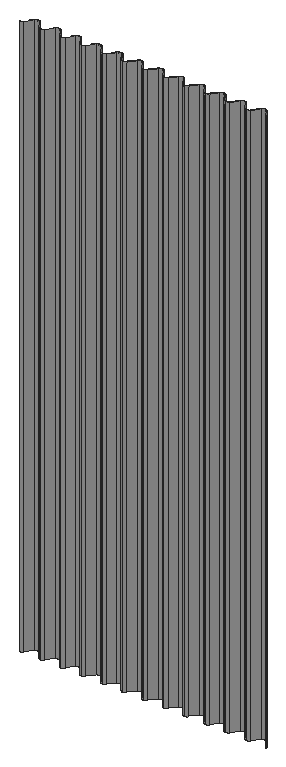
Revit family "Перфорированная панель", category Обобщенные модели, Revit 2021 (continued)
Forms (mm)
  Extrusion 312, void, not visible
    sketch origin (-990, 84.806, 1725) x (1, 0, 0) y (0, 0, 1)
      loop
        circle (1122.758, 20.908) r 15
    from 0 to 150
  Extrusion 313, void, not visible
    sketch origin (-1080, 84.806, 1725) x (1, 0, 0) y (0, 0, 1)
      loop
        circle (1122.758, 20.908) r 15
    from 0 to 150
  Extrusion 314, void, not visible
    sketch origin (0, 84.806, 1800) x (1, 0, 0) y (0, 0, 1)
      loop
        circle (1122.758, 20.908) r 15
    from 0 to 150
  Extrusion 315, void, not visible
    sketch origin (-90, 84.806, 1800) x (1, 0, 0) y (0, 0, 1)
      loop
        circle (1122.758, 20.908) r 15
    from 0 to 150
  Extrusion 316, void, not visible
    sketch origin (-180, 84.806, 1800) x (1, 0, 0) y (0, 0, 1)
      loop
        circle (1122.758, 20.908) r 15
    from 0 to 150
  Extrusion 317, void, not visible
    sketch origin (-270, 84.806, 1800) x (1, 0, 0) y (0, 0, 1)
      loop
        circle (1122.758, 20.908) r 15
    from 0 to 150
  Extrusion 318, void, not visible
    sketch origin (-360, 84.806, 1800) x (1, 0, 0) y (0, 0, 1)
      loop
        circle (1122.758, 20.908) r 15
    from 0 to 150
  Extrusion 319, void, not visible
    sketch origin (-450, 84.806, 1800) x (1, 0, 0) y (0, 0, 1)
      loop
        circle (1122.758, 20.908) r 15
    from 0 to 150
  Extrusion 320, void, not visible
    sketch origin (-540, 84.806, 1800) x (1, 0, 0) y (0, 0, 1)
      loop
        circle (1122.758, 20.908) r 15
    from 0 to 150
  Extrusion 321, void, not visible
    sketch origin (-630, 84.806, 1800) x (1, 0, 0) y (0, 0, 1)
      loop
        circle (1122.758, 20.908) r 15
    from 0 to 150
  Extrusion 322, void, not visible
    sketch origin (-720, 84.806, 1800) x (1, 0, 0) y (0, 0, 1)
      loop
        circle (1122.758, 20.908) r 15
    from 0 to 150
  Extrusion 323, void, not visible
    sketch origin (-810, 84.806, 1800) x (1, 0, 0) y (0, 0, 1)
      loop
        circle (1122.758, 20.908) r 15
    from 0 to 150
  Extrusion 324, void, not visible
    sketch origin (-900, 84.806, 1800) x (1, 0, 0) y (0, 0, 1)
      loop
        circle (1122.758, 20.908) r 15
    from 0 to 150
  Extrusion 325, void, not visible
    sketch origin (-990, 84.806, 1800) x (1, 0, 0) y (0, 0, 1)
      loop
        circle (1122.758, 20.908) r 15
    from 0 to 150
  Extrusion 326, void, not visible
    sketch origin (-1080, 84.806, 1800) x (1, 0, 0) y (0, 0, 1)
      loop
        circle (1122.758, 20.908) r 15
    from 0 to 150
  Extrusion 327, void, not visible
    sketch origin (0, 84.806, 1875) x (1, 0, 0) y (0, 0, 1)
      loop
        circle (1122.758, 20.908) r 15
    from 0 to 150
  Extrusion 328, void, not visible
    sketch origin (-90, 84.806, 1875) x (1, 0, 0) y (0, 0, 1)
      loop
        circle (1122.758, 20.908) r 15
    from 0 to 150
  Extrusion 329, void, not visible
    sketch origin (-180, 84.806, 1875) x (1, 0, 0) y (0, 0, 1)
      loop
        circle (1122.758, 20.908) r 15
    from 0 to 150
  Extrusion 330, void, not visible
    sketch origin (-270, 84.806, 1875) x (1, 0, 0) y (0, 0, 1)
      loop
        circle (1122.758, 20.908) r 15
    from 0 to 150
  Extrusion 331, void, not visible
    sketch origin (-360, 84.806, 1875) x (1, 0, 0) y (0, 0, 1)
      loop
        circle (1122.758, 20.908) r 15
    from 0 to 150
  Extrusion 332, void, not visible
    sketch origin (-450, 84.806, 1875) x (1, 0, 0) y (0, 0, 1)
      loop
        circle (1122.758, 20.908) r 15
    from 0 to 150
  Extrusion 333, void, not visible
    sketch origin (-540, 84.806, 1875) x (1, 0, 0) y (0, 0, 1)
      loop
        circle (1122.758, 20.908) r 15
    from 0 to 150
  Extrusion 334, void, not visible
    sketch origin (-630, 84.806, 1875) x (1, 0, 0) y (0, 0, 1)
      loop
        circle (1122.758, 20.908) r 15
    from 0 to 150
  Extrusion 335, void, not visible
    sketch origin (-720, 84.806, 1875) x (1, 0, 0) y (0, 0, 1)
      loop
        circle (1122.758, 20.908) r 15
    from 0 to 150
  Extrusion 336, void, not visible
    sketch origin (-810, 84.806, 1875) x (1, 0, 0) y (0, 0, 1)
      loop
        circle (1122.758, 20.908) r 15
    from 0 to 150
  Extrusion 337, void, not visible
    sketch origin (-900, 84.806, 1875) x (1, 0, 0) y (0, 0, 1)
      loop
        circle (1122.758, 20.908) r 15
    from 0 to 150
  Extrusion 338, void, not visible
    sketch origin (-990, 84.806, 1875) x (1, 0, 0) y (0, 0, 1)
      loop
        circle (1122.758, 20.908) r 15
    from 0 to 150
  Extrusion 339, void, not visible
    sketch origin (-1080, 84.806, 1875) x (1, 0, 0) y (0, 0, 1)
      loop
        circle (1122.758, 20.908) r 15
    from 0 to 150
  Extrusion 340, void, not visible
    sketch origin (0, 84.806, 1950) x (1, 0, 0) y (0, 0, 1)
      loop
        circle (1122.758, 20.908) r 15
    from 0 to 150
  Extrusion 341, void, not visible
    sketch origin (-90, 84.806, 1950) x (1, 0, 0) y (0, 0, 1)
      loop
        circle (1122.758, 20.908) r 15
    from 0 to 150
  Extrusion 342, void, not visible
    sketch origin (-180, 84.806, 1950) x (1, 0, 0) y (0, 0, 1)
      loop
        circle (1122.758, 20.908) r 15
    from 0 to 150
  Extrusion 343, void, not visible
    sketch origin (-270, 84.806, 1950) x (1, 0, 0) y (0, 0, 1)
      loop
        circle (1122.758, 20.908) r 15
    from 0 to 150
  Extrusion 344, void, not visible
    sketch origin (-360, 84.806, 1950) x (1, 0, 0) y (0, 0, 1)
      loop
        circle (1122.758, 20.908) r 15
    from 0 to 150
  Extrusion 345, void, not visible
    sketch origin (-450, 84.806, 1950) x (1, 0, 0) y (0, 0, 1)
      loop
        circle (1122.758, 20.908) r 15
    from 0 to 150
  Extrusion 346, void, not visible
    sketch origin (-540, 84.806, 1950) x (1, 0, 0) y (0, 0, 1)
      loop
        circle (1122.758, 20.908) r 15
    from 0 to 150
  Extrusion 347, void, not visible
    sketch origin (-630, 84.806, 1950) x (1, 0, 0) y (0, 0, 1)
      loop
        circle (1122.758, 20.908) r 15
    from 0 to 150
  Extrusion 348, void, not visible
    sketch origin (-720, 84.806, 1950) x (1, 0, 0) y (0, 0, 1)
      loop
        circle (1122.758, 20.908) r 15
    from 0 to 150
  Extrusion 349, void, not visible
    sketch origin (-810, 84.806, 1950) x (1, 0, 0) y (0, 0, 1)
      loop
        circle (1122.758, 20.908) r 15
    from 0 to 150
  Extrusion 350, void, not visible
    sketch origin (-900, 84.806, 1950) x (1, 0, 0) y (0, 0, 1)
      loop
        circle (1122.758, 20.908) r 15
    from 0 to 150
  Extrusion 351, void, not visible
    sketch origin (-990, 84.806, 1950) x (1, 0, 0) y (0, 0, 1)
      loop
        circle (1122.758, 20.908) r 15
    from 0 to 150
  Extrusion 352, void, not visible
    sketch origin (-1080, 84.806, 1950) x (1, 0, 0) y (0, 0, 1)
      loop
        circle (1122.758, 20.908) r 15
    from 0 to 150
  Extrusion 353, void, not visible
    sketch origin (0, 84.806, 2025) x (1, 0, 0) y (0, 0, 1)
      loop
        circle (1122.758, 20.908) r 15
    from 0 to 150
  Extrusion 354, void, not visible
    sketch origin (-90, 84.806, 2025) x (1, 0, 0) y (0, 0, 1)
      loop
        circle (1122.758, 20.908) r 15
    from 0 to 150
  Extrusion 355, void, not visible
    sketch origin (-180, 84.806, 2025) x (1, 0, 0) y (0, 0, 1)
      loop
        circle (1122.758, 20.908) r 15
    from 0 to 150
  Extrusion 356, void, not visible
    sketch origin (-270, 84.806, 2025) x (1, 0, 0) y (0, 0, 1)
      loop
        circle (1122.758, 20.908) r 15
    from 0 to 150
  Extrusion 357, void, not visible
    sketch origin (-360, 84.806, 2025) x (1, 0, 0) y (0, 0, 1)
      loop
        circle (1122.758, 20.908) r 15
    from 0 to 150
  Extrusion 358, void, not visible
    sketch origin (-450, 84.806, 2025) x (1, 0, 0) y (0, 0, 1)
      loop
        circle (1122.758, 20.908) r 15
    from 0 to 150
  Extrusion 359, void, not visible
    sketch origin (-540, 84.806, 2025) x (1, 0, 0) y (0, 0, 1)
      loop
        circle (1122.758, 20.908) r 15
    from 0 to 150
  Extrusion 360, void, not visible
    sketch origin (-630, 84.806, 2025) x (1, 0, 0) y (0, 0, 1)
      loop
        circle (1122.758, 20.908) r 15
    from 0 to 150
  Extrusion 361, void, not visible
    sketch origin (-720, 84.806, 2025) x (1, 0, 0) y (0, 0, 1)
      loop
        circle (1122.758, 20.908) r 15
    from 0 to 150
  Extrusion 362, void, not visible
    sketch origin (-810, 84.806, 2025) x (1, 0, 0) y (0, 0, 1)
      loop
        circle (1122.758, 20.908) r 15
    from 0 to 150
  Extrusion 363, void, not visible
    sketch origin (-900, 84.806, 2025) x (1, 0, 0) y (0, 0, 1)
      loop
        circle (1122.758, 20.908) r 15
    from 0 to 150
  Extrusion 364, void, not visible
    sketch origin (-990, 84.806, 2025) x (1, 0, 0) y (0, 0, 1)
      loop
        circle (1122.758, 20.908) r 15
    from 0 to 150
  Extrusion 365, void, not visible
    sketch origin (-1080, 84.806, 2025) x (1, 0, 0) y (0, 0, 1)
      loop
        circle (1122.758, 20.908) r 15
    from 0 to 150
  Extrusion 366, void, not visible
    sketch origin (0, 84.806, 2100) x (1, 0, 0) y (0, 0, 1)
      loop
        circle (1122.758, 20.908) r 15
    from 0 to 150
  Extrusion 367, void, not visible
    sketch origin (-90, 84.806, 2100) x (1, 0, 0) y (0, 0, 1)
      loop
        circle (1122.758, 20.908) r 15
    from 0 to 150
  Extrusion 368, void, not visible
    sketch origin (-180, 84.806, 2100) x (1, 0, 0) y (0, 0, 1)
      loop
        circle (1122.758, 20.908) r 15
    from 0 to 150
  Extrusion 369, void, not visible
    sketch origin (-270, 84.806, 2100) x (1, 0, 0) y (0, 0, 1)
      loop
        circle (1122.758, 20.908) r 15
    from 0 to 150
  Extrusion 370, void, not visible
    sketch origin (-360, 84.806, 2100) x (1, 0, 0) y (0, 0, 1)
      loop
        circle (1122.758, 20.908) r 15
    from 0 to 150
  Extrusion 371, void, not visible
    sketch origin (-450, 84.806, 2100) x (1, 0, 0) y (0, 0, 1)
      loop
        circle (1122.758, 20.908) r 15
    from 0 to 150
  Extrusion 372, void, not visible
    sketch origin (-540, 84.806, 2100) x (1, 0, 0) y (0, 0, 1)
      loop
        circle (1122.758, 20.908) r 15
    from 0 to 150
  Extrusion 373, void, not visible
    sketch origin (-630, 84.806, 2100) x (1, 0, 0) y (0, 0, 1)
      loop
        circle (1122.758, 20.908) r 15
    from 0 to 150
  Extrusion 374, void, not visible
    sketch origin (-720, 84.806, 2100) x (1, 0, 0) y (0, 0, 1)
      loop
        circle (1122.758, 20.908) r 15
    from 0 to 150
  Extrusion 375, void, not visible
    sketch origin (-810, 84.806, 2100) x (1, 0, 0) y (0, 0, 1)
      loop
        circle (1122.758, 20.908) r 15
    from 0 to 150
  Extrusion 376, void, not visible
    sketch origin (-900, 84.806, 2100) x (1, 0, 0) y (0, 0, 1)
      loop
        circle (1122.758, 20.908) r 15
    from 0 to 150
  Extrusion 377, void, not visible
    sketch origin (-990, 84.806, 2100) x (1, 0, 0) y (0, 0, 1)
      loop
        circle (1122.758, 20.908) r 15
    from 0 to 150
  Extrusion 378, void, not visible
    sketch origin (-1080, 84.806, 2100) x (1, 0, 0) y (0, 0, 1)
      loop
        circle (1122.758, 20.908) r 15
    from 0 to 150
  Extrusion 379, void, not visible
    sketch origin (0, 84.806, 2175) x (1, 0, 0) y (0, 0, 1)
      loop
        circle (1122.758, 20.908) r 15
    from 0 to 150
  Extrusion 380, void, not visible
    sketch origin (-90, 84.806, 2175) x (1, 0, 0) y (0, 0, 1)
      loop
        circle (1122.758, 20.908) r 15
    from 0 to 150
  Extrusion 381, void, not visible
    sketch origin (-180, 84.806, 2175) x (1, 0, 0) y (0, 0, 1)
      loop
        circle (1122.758, 20.908) r 15
    from 0 to 150
  Extrusion 382, void, not visible
    sketch origin (-270, 84.806, 2175) x (1, 0, 0) y (0, 0, 1)
      loop
        circle (1122.758, 20.908) r 15
    from 0 to 150
  Extrusion 383, void, not visible
    sketch origin (-360, 84.806, 2175) x (1, 0, 0) y (0, 0, 1)
      loop
        circle (1122.758, 20.908) r 15
    from 0 to 150
  Extrusion 384, void, not visible
    sketch origin (-450, 84.806, 2175) x (1, 0, 0) y (0, 0, 1)
      loop
        circle (1122.758, 20.908) r 15
    from 0 to 150
  Extrusion 385, void, not visible
    sketch origin (-540, 84.806, 2175) x (1, 0, 0) y (0, 0, 1)
      loop
        circle (1122.758, 20.908) r 15
    from 0 to 150
  Extrusion 386, void, not visible
    sketch origin (-630, 84.806, 2175) x (1, 0, 0) y (0, 0, 1)
      loop
        circle (1122.758, 20.908) r 15
    from 0 to 150
  Extrusion 387, void, not visible
    sketch origin (-720, 84.806, 2175) x (1, 0, 0) y (0, 0, 1)
      loop
        circle (1122.758, 20.908) r 15
    from 0 to 150
  Extrusion 388, void, not visible
    sketch origin (-810, 84.806, 2175) x (1, 0, 0) y (0, 0, 1)
      loop
        circle (1122.758, 20.908) r 15
    from 0 to 150
  Extrusion 389, void, not visible
    sketch origin (-900, 84.806, 2175) x (1, 0, 0) y (0, 0, 1)
      loop
        circle (1122.758, 20.908) r 15
    from 0 to 150
  Extrusion 390, void, not visible
    sketch origin (-990, 84.806, 2175) x (1, 0, 0) y (0, 0, 1)
      loop
        circle (1122.758, 20.908) r 15
    from 0 to 150
  Extrusion 391, void, not visible
    sketch origin (-1080, 84.806, 2175) x (1, 0, 0) y (0, 0, 1)
      loop
        circle (1122.758, 20.908) r 15
    from 0 to 150
  Extrusion 392, void, not visible
    sketch origin (0, 84.806, 2250) x (1, 0, 0) y (0, 0, 1)
      loop
        circle (1122.758, 20.908) r 15
    from 0 to 150
  Extrusion 393, void, not visible
    sketch origin (-90, 84.806, 2250) x (1, 0, 0) y (0, 0, 1)
      loop
        circle (1122.758, 20.908) r 15
    from 0 to 150
  Extrusion 394, void, not visible
    sketch origin (-180, 84.806, 2250) x (1, 0, 0) y (0, 0, 1)
      loop
        circle (1122.758, 20.908) r 15
    from 0 to 150
  Extrusion 395, void, not visible
    sketch origin (-270, 84.806, 2250) x (1, 0, 0) y (0, 0, 1)
      loop
        circle (1122.758, 20.908) r 15
    from 0 to 150
  Extrusion 396, void, not visible
    sketch origin (-360, 84.806, 2250) x (1, 0, 0) y (0, 0, 1)
      loop
        circle (1122.758, 20.908) r 15
    from 0 to 150
  Extrusion 397, void, not visible
    sketch origin (-450, 84.806, 2250) x (1, 0, 0) y (0, 0, 1)
      loop
        circle (1122.758, 20.908) r 15
    from 0 to 150
  Extrusion 398, void, not visible
    sketch origin (-540, 84.806, 2250) x (1, 0, 0) y (0, 0, 1)
      loop
        circle (1122.758, 20.908) r 15
    from 0 to 150
  Extrusion 399, void, not visible
    sketch origin (-630, 84.806, 2250) x (1, 0, 0) y (0, 0, 1)
      loop
        circle (1122.758, 20.908) r 15
    from 0 to 150
  Extrusion 400, void, not visible
    sketch origin (-720, 84.806, 2250) x (1, 0, 0) y (0, 0, 1)
      loop
        circle (1122.758, 20.908) r 15
    from 0 to 150
  Extrusion 401, void, not visible
    sketch origin (-810, 84.806, 2250) x (1, 0, 0) y (0, 0, 1)
      loop
        circle (1122.758, 20.908) r 15
    from 0 to 150
  Extrusion 402, void, not visible
    sketch origin (-900, 84.806, 2250) x (1, 0, 0) y (0, 0, 1)
      loop
        circle (1122.758, 20.908) r 15
    from 0 to 150
  Extrusion 403, void, not visible
    sketch origin (-990, 84.806, 2250) x (1, 0, 0) y (0, 0, 1)
      loop
        circle (1122.758, 20.908) r 15
    from 0 to 150
  Extrusion 404, void, not visible
    sketch origin (-1080, 84.806, 2250) x (1, 0, 0) y (0, 0, 1)
      loop
        circle (1122.758, 20.908) r 15
    from 0 to 150
  Extrusion 405, void, not visible
    sketch origin (0, 84.806, 2325) x (1, 0, 0) y (0, 0, 1)
      loop
        circle (1122.758, 20.908) r 15
    from 0 to 150
  Extrusion 406, void, not visible
    sketch origin (-90, 84.806, 2325) x (1, 0, 0) y (0, 0, 1)
      loop
        circle (1122.758, 20.908) r 15
    from 0 to 150
  Extrusion 407, void, not visible
    sketch origin (-180, 84.806, 2325) x (1, 0, 0) y (0, 0, 1)
      loop
        circle (1122.758, 20.908) r 15
    from 0 to 150
  Extrusion 408, void, not visible
    sketch origin (-270, 84.806, 2325) x (1, 0, 0) y (0, 0, 1)
      loop
        circle (1122.758, 20.908) r 15
    from 0 to 150
  Extrusion 409, void, not visible
    sketch origin (-360, 84.806, 2325) x (1, 0, 0) y (0, 0, 1)
      loop
        circle (1122.758, 20.908) r 15
    from 0 to 150
  Extrusion 410, void, not visible
    sketch origin (-450, 84.806, 2325) x (1, 0, 0) y (0, 0, 1)
      loop
        circle (1122.758, 20.908) r 15
    from 0 to 150
  Extrusion 411, void, not visible
    sketch origin (-540, 84.806, 2325) x (1, 0, 0) y (0, 0, 1)
      loop
        circle (1122.758, 20.908) r 15
    from 0 to 150
  Extrusion 412, void, not visible
    sketch origin (-630, 84.806, 2325) x (1, 0, 0) y (0, 0, 1)
      loop
        circle (1122.758, 20.908) r 15
    from 0 to 150
  Extrusion 413, void, not visible
    sketch origin (-720, 84.806, 2325) x (1, 0, 0) y (0, 0, 1)
      loop
        circle (1122.758, 20.908) r 15
    from 0 to 150
  Extrusion 414, void, not visible
    sketch origin (-810, 84.806, 2325) x (1, 0, 0) y (0, 0, 1)
      loop
        circle (1122.758, 20.908) r 15
    from 0 to 150
  Extrusion 415, void, not visible
    sketch origin (-900, 84.806, 2325) x (1, 0, 0) y (0, 0, 1)
      loop
        circle (1122.758, 20.908) r 15
    from 0 to 150
  Extrusion 416, void, not visible
    sketch origin (-990, 84.806, 2325) x (1, 0, 0) y (0, 0, 1)
      loop
        circle (1122.758, 20.908) r 15
    from 0 to 150
  Extrusion 417, void, not visible
    sketch origin (-1080, 84.806, 2325) x (1, 0, 0) y (0, 0, 1)
      loop
        circle (1122.758, 20.908) r 15
    from 0 to 150
  Extrusion 418, void, not visible
    sketch origin (0, 84.806, 2400) x (1, 0, 0) y (0, 0, 1)
      loop
        circle (1122.758, 20.908) r 15
    from 0 to 150
  Extrusion 419, void, not visible
    sketch origin (-90, 84.806, 2400) x (1, 0, 0) y (0, 0, 1)
      loop
        circle (1122.758, 20.908) r 15
    from 0 to 150
  Extrusion 420, void, not visible
    sketch origin (-180, 84.806, 2400) x (1, 0, 0) y (0, 0, 1)
      loop
        circle (1122.758, 20.908) r 15
    from 0 to 150
  Extrusion 421, void, not visible
    sketch origin (-270, 84.806, 2400) x (1, 0, 0) y (0, 0, 1)
      loop
        circle (1122.758, 20.908) r 15
    from 0 to 150
  Extrusion 422, void, not visible
    sketch origin (-360, 84.806, 2400) x (1, 0, 0) y (0, 0, 1)
      loop
        circle (1122.758, 20.908) r 15
    from 0 to 150
  Extrusion 423, void, not visible
    sketch origin (-450, 84.806, 2400) x (1, 0, 0) y (0, 0, 1)
      loop
        circle (1122.758, 20.908) r 15
    from 0 to 150
  Extrusion 424, void, not visible
    sketch origin (-540, 84.806, 2400) x (1, 0, 0) y (0, 0, 1)
      loop
        circle (1122.758, 20.908) r 15
    from 0 to 150
  Extrusion 425, void, not visible
    sketch origin (-630, 84.806, 2400) x (1, 0, 0) y (0, 0, 1)
      loop
        circle (1122.758, 20.908) r 15
    from 0 to 150
  Extrusion 426, void, not visible
    sketch origin (-720, 84.806, 2400) x (1, 0, 0) y (0, 0, 1)
      loop
        circle (1122.758, 20.908) r 15
    from 0 to 150
  Extrusion 427, void, not visible
    sketch origin (-810, 84.806, 2400) x (1, 0, 0) y (0, 0, 1)
      loop
        circle (1122.758, 20.908) r 15
    from 0 to 150
  Extrusion 428, void, not visible
    sketch origin (-900, 84.806, 2400) x (1, 0, 0) y (0, 0, 1)
      loop
        circle (1122.758, 20.908) r 15
    from 0 to 150
  Extrusion 429, void, not visible
    sketch origin (-990, 84.806, 2400) x (1, 0, 0) y (0, 0, 1)
      loop
        circle (1122.758, 20.908) r 15
    from 0 to 150
  Extrusion 430, void, not visible
    sketch origin (-1080, 84.806, 2400) x (1, 0, 0) y (0, 0, 1)
      loop
        circle (1122.758, 20.908) r 15
    from 0 to 150
  Extrusion 431, void, not visible
    sketch origin (0, 84.806, 2475) x (1, 0, 0) y (0, 0, 1)
      loop
        circle (1122.758, 20.908) r 15
    from 0 to 150
  Extrusion 432, void, not visible
    sketch origin (-90, 84.806, 2475) x (1, 0, 0) y (0, 0, 1)
      loop
        circle (1122.758, 20.908) r 15
    from 0 to 150
  Extrusion 433, void, not visible
    sketch origin (-180, 84.806, 2475) x (1, 0, 0) y (0, 0, 1)
      loop
        circle (1122.758, 20.908) r 15
    from 0 to 150
  Extrusion 434, void, not visible
    sketch origin (-270, 84.806, 2475) x (1, 0, 0) y (0, 0, 1)
      loop
        circle (1122.758, 20.908) r 15
    from 0 to 150
  Extrusion 435, void, not visible
    sketch origin (-360, 84.806, 2475) x (1, 0, 0) y (0, 0, 1)
      loop
        circle (1122.758, 20.908) r 15
    from 0 to 150
  Extrusion 436, void, not visible
    sketch origin (-450, 84.806, 2475) x (1, 0, 0) y (0, 0, 1)
      loop
        circle (1122.758, 20.908) r 15
    from 0 to 150
  Extrusion 437, void, not visible
    sketch origin (-540, 84.806, 2475) x (1, 0, 0) y (0, 0, 1)
      loop
        circle (1122.758, 20.908) r 15
    from 0 to 150
  Extrusion 438, void, not visible
    sketch origin (-630, 84.806, 2475) x (1, 0, 0) y (0, 0, 1)
      loop
        circle (1122.758, 20.908) r 15
    from 0 to 150
  Extrusion 439, void, not visible
    sketch origin (-720, 84.806, 2475) x (1, 0, 0) y (0, 0, 1)
      loop
        circle (1122.758, 20.908) r 15
    from 0 to 150
  Extrusion 440, void, not visible
    sketch origin (-810, 84.806, 2475) x (1, 0, 0) y (0, 0, 1)
      loop
        circle (1122.758, 20.908) r 15
    from 0 to 150
  Extrusion 441, void, not visible
    sketch origin (-900, 84.806, 2475) x (1, 0, 0) y (0, 0, 1)
      loop
        circle (1122.758, 20.908) r 15
    from 0 to 150
  Extrusion 442, void, not visible
    sketch origin (-990, 84.806, 2475) x (1, 0, 0) y (0, 0, 1)
      loop
        circle (1122.758, 20.908) r 15
    from 0 to 150
  Extrusion 443, void, not visible
    sketch origin (-1080, 84.806, 2475) x (1, 0, 0) y (0, 0, 1)
      loop
        circle (1122.758, 20.908) r 15
    from 0 to 150
  Extrusion 444, void, not visible
    sketch origin (0, 84.806, 0) x (1, 0, 0) y (0, 0, 1)
      loop
        circle (1122.758, 20.908) r 15
    from 0 to 150
  Extrusion 445, void, not visible
    sketch origin (-90, 84.806, 0) x (1, 0, 0) y (0, 0, 1)
      loop
        circle (1122.758, 20.908) r 15
    from 0 to 150
  Extrusion 446, void, not visible
    sketch origin (-180, 84.806, 0) x (1, 0, 0) y (0, 0, 1)
      loop
        circle (1122.758, 20.908) r 15
    from 0 to 150
  Extrusion 447, void, not visible
    sketch origin (-270, 84.806, 0) x (1, 0, 0) y (0, 0, 1)
      loop
        circle (1122.758, 20.908) r 15
    from 0 to 150
  Extrusion 448, void, not visible
    sketch origin (-360, 84.806, 0) x (1, 0, 0) y (0, 0, 1)
      loop
        circle (1122.758, 20.908) r 15
    from 0 to 150
  Extrusion 449, void, not visible
    sketch origin (-450, 84.806, 0) x (1, 0, 0) y (0, 0, 1)
      loop
        circle (1122.758, 20.908) r 15
    from 0 to 150
  Extrusion 450, void, not visible
    sketch origin (-540, 84.806, 0) x (1, 0, 0) y (0, 0, 1)
      loop
        circle (1122.758, 20.908) r 15
    from 0 to 150
  Extrusion 451, void, not visible
    sketch origin (-630, 84.806, 0) x (1, 0, 0) y (0, 0, 1)
      loop
        circle (1122.758, 20.908) r 15
    from 0 to 150
  Extrusion 452, void, not visible
    sketch origin (-720, 84.806, 0) x (1, 0, 0) y (0, 0, 1)
      loop
        circle (1122.758, 20.908) r 15
    from 0 to 150
  Extrusion 453, void, not visible
    sketch origin (-810, 84.806, 0) x (1, 0, 0) y (0, 0, 1)
      loop
        circle (1122.758, 20.908) r 15
    from 0 to 150
  Extrusion 454, void, not visible
    sketch origin (-900, 84.806, 0) x (1, 0, 0) y (0, 0, 1)
      loop
        circle (1122.758, 20.908) r 15
    from 0 to 150
  Extrusion 455, void, not visible
    sketch origin (-990, 84.806, 0) x (1, 0, 0) y (0, 0, 1)
      loop
        circle (1122.758, 20.908) r 15
    from 0 to 150
  Extrusion 456, void, not visible
    sketch origin (0, 84.806, 75) x (1, 0, 0) y (0, 0, 1)
      loop
        circle (1122.758, 20.908) r 15
    from 0 to 150
  Extrusion 457, void, not visible
    sketch origin (-90, 84.806, 75) x (1, 0, 0) y (0, 0, 1)
      loop
        circle (1122.758, 20.908) r 15
    from 0 to 150
  Extrusion 458, void, not visible
    sketch origin (-180, 84.806, 75) x (1, 0, 0) y (0, 0, 1)
      loop
        circle (1122.758, 20.908) r 15
    from 0 to 150
  Extrusion 459, void, not visible
    sketch origin (-270, 84.806, 75) x (1, 0, 0) y (0, 0, 1)
      loop
        circle (1122.758, 20.908) r 15
    from 0 to 150
  Extrusion 460, void, not visible
    sketch origin (-360, 84.806, 75) x (1, 0, 0) y (0, 0, 1)
      loop
        circle (1122.758, 20.908) r 15
    from 0 to 150
  Extrusion 461, void, not visible
    sketch origin (-450, 84.806, 75) x (1, 0, 0) y (0, 0, 1)
      loop
        circle (1122.758, 20.908) r 15
    from 0 to 150
  Extrusion 462, void, not visible
    sketch origin (-540, 84.806, 75) x (1, 0, 0) y (0, 0, 1)
      loop
        circle (1122.758, 20.908) r 15
    from 0 to 150
  Extrusion 463, void, not visible
    sketch origin (-630, 84.806, 75) x (1, 0, 0) y (0, 0, 1)
      loop
        circle (1122.758, 20.908) r 15
    from 0 to 150
  Extrusion 464, void, not visible
    sketch origin (-720, 84.806, 75) x (1, 0, 0) y (0, 0, 1)
      loop
        circle (1122.758, 20.908) r 15
    from 0 to 150
  Extrusion 465, void, not visible
    sketch origin (-810, 84.806, 75) x (1, 0, 0) y (0, 0, 1)
      loop
        circle (1122.758, 20.908) r 15
    from 0 to 150
  Extrusion 466, void, not visible
    sketch origin (-900, 84.806, 75) x (1, 0, 0) y (0, 0, 1)
      loop
        circle (1122.758, 20.908) r 15
    from 0 to 150
  Extrusion 467, void, not visible
    sketch origin (-990, 84.806, 75) x (1, 0, 0) y (0, 0, 1)
      loop
        circle (1122.758, 20.908) r 15
    from 0 to 150
  Extrusion 468, void, not visible
    sketch origin (0, 84.806, 150) x (1, 0, 0) y (0, 0, 1)
      loop
        circle (1122.758, 20.908) r 15
    from 0 to 150
  Extrusion 469, void, not visible
    sketch origin (-90, 84.806, 150) x (1, 0, 0) y (0, 0, 1)
      loop
        circle (1122.758, 20.908) r 15
    from 0 to 150
  Extrusion 470, void, not visible
    sketch origin (-180, 84.806, 150) x (1, 0, 0) y (0, 0, 1)
      loop
        circle (1122.758, 20.908) r 15
    from 0 to 150
  Extrusion 471, void, not visible
    sketch origin (-270, 84.806, 150) x (1, 0, 0) y (0, 0, 1)
      loop
        circle (1122.758, 20.908) r 15
    from 0 to 150
  Extrusion 472, void, not visible
    sketch origin (-360, 84.806, 150) x (1, 0, 0) y (0, 0, 1)
      loop
        circle (1122.758, 20.908) r 15
    from 0 to 150
  Extrusion 473, void, not visible
    sketch origin (-450, 84.806, 150) x (1, 0, 0) y (0, 0, 1)
      loop
        circle (1122.758, 20.908) r 15
    from 0 to 150
  Extrusion 474, void, not visible
    sketch origin (-540, 84.806, 150) x (1, 0, 0) y (0, 0, 1)
      loop
        circle (1122.758, 20.908) r 15
    from 0 to 150
  Extrusion 475, void, not visible
    sketch origin (-630, 84.806, 150) x (1, 0, 0) y (0, 0, 1)
      loop
        circle (1122.758, 20.908) r 15
    from 0 to 150
  Extrusion 476, void, not visible
    sketch origin (-720, 84.806, 150) x (1, 0, 0) y (0, 0, 1)
      loop
        circle (1122.758, 20.908) r 15
    from 0 to 150
  Extrusion 477, void, not visible
    sketch origin (-810, 84.806, 150) x (1, 0, 0) y (0, 0, 1)
      loop
        circle (1122.758, 20.908) r 15
    from 0 to 150
  Extrusion 478, void, not visible
    sketch origin (-900, 84.806, 150) x (1, 0, 0) y (0, 0, 1)
      loop
        circle (1122.758, 20.908) r 15
    from 0 to 150
  Extrusion 479, void, not visible
    sketch origin (-990, 84.806, 150) x (1, 0, 0) y (0, 0, 1)
      loop
        circle (1122.758, 20.908) r 15
    from 0 to 150
  Extrusion 480, void, not visible
    sketch origin (0, 84.806, 225) x (1, 0, 0) y (0, 0, 1)
      loop
        circle (1122.758, 20.908) r 15
    from 0 to 150
  Extrusion 481, void, not visible
    sketch origin (-90, 84.806, 225) x (1, 0, 0) y (0, 0, 1)
      loop
        circle (1122.758, 20.908) r 15
    from 0 to 150
  Extrusion 482, void, not visible
    sketch origin (-180, 84.806, 225) x (1, 0, 0) y (0, 0, 1)
      loop
        circle (1122.758, 20.908) r 15
    from 0 to 150
  Extrusion 483, void, not visible
    sketch origin (-270, 84.806, 225) x (1, 0, 0) y (0, 0, 1)
      loop
        circle (1122.758, 20.908) r 15
    from 0 to 150
  Extrusion 484, void, not visible
    sketch origin (-360, 84.806, 225) x (1, 0, 0) y (0, 0, 1)
      loop
        circle (1122.758, 20.908) r 15
    from 0 to 150
  Extrusion 485, void, not visible
    sketch origin (-450, 84.806, 225) x (1, 0, 0) y (0, 0, 1)
      loop
        circle (1122.758, 20.908) r 15
    from 0 to 150
  Extrusion 486, void, not visible
    sketch origin (-540, 84.806, 225) x (1, 0, 0) y (0, 0, 1)
      loop
        circle (1122.758, 20.908) r 15
    from 0 to 150
  Extrusion 487, void, not visible
    sketch origin (-630, 84.806, 225) x (1, 0, 0) y (0, 0, 1)
      loop
        circle (1122.758, 20.908) r 15
    from 0 to 150
  Extrusion 488, void, not visible
    sketch origin (-720, 84.806, 225) x (1, 0, 0) y (0, 0, 1)
      loop
        circle (1122.758, 20.908) r 15
    from 0 to 150
  Extrusion 489, void, not visible
    sketch origin (-810, 84.806, 225) x (1, 0, 0) y (0, 0, 1)
      loop
        circle (1122.758, 20.908) r 15
    from 0 to 150
  Extrusion 490, void, not visible
    sketch origin (-900, 84.806, 225) x (1, 0, 0) y (0, 0, 1)
      loop
        circle (1122.758, 20.908) r 15
    from 0 to 150
  Extrusion 491, void, not visible
    sketch origin (-990, 84.806, 225) x (1, 0, 0) y (0, 0, 1)
      loop
        circle (1122.758, 20.908) r 15
    from 0 to 150
  Extrusion 492, void, not visible
    sketch origin (0, 84.806, 300) x (1, 0, 0) y (0, 0, 1)
      loop
        circle (1122.758, 20.908) r 15
    from 0 to 150
  Extrusion 493, void, not visible
    sketch origin (-90, 84.806, 300) x (1, 0, 0) y (0, 0, 1)
      loop
        circle (1122.758, 20.908) r 15
    from 0 to 150
  Extrusion 494, void, not visible
    sketch origin (-180, 84.806, 300) x (1, 0, 0) y (0, 0, 1)
      loop
        circle (1122.758, 20.908) r 15
    from 0 to 150
  Extrusion 495, void, not visible
    sketch origin (-270, 84.806, 300) x (1, 0, 0) y (0, 0, 1)
      loop
        circle (1122.758, 20.908) r 15
    from 0 to 150
  Extrusion 496, void, not visible
    sketch origin (-360, 84.806, 300) x (1, 0, 0) y (0, 0, 1)
      loop
        circle (1122.758, 20.908) r 15
    from 0 to 150
  Extrusion 497, void, not visible
    sketch origin (-450, 84.806, 300) x (1, 0, 0) y (0, 0, 1)
      loop
        circle (1122.758, 20.908) r 15
    from 0 to 150
  Extrusion 498, void, not visible
    sketch origin (-540, 84.806, 300) x (1, 0, 0) y (0, 0, 1)
      loop
        circle (1122.758, 20.908) r 15
    from 0 to 150
  Extrusion 499, void, not visible
    sketch origin (-630, 84.806, 300) x (1, 0, 0) y (0, 0, 1)
      loop
        circle (1122.758, 20.908) r 15
    from 0 to 150
  Extrusion 500, void, not visible
    sketch origin (-720, 84.806, 300) x (1, 0, 0) y (0, 0, 1)
      loop
        circle (1122.758, 20.908) r 15
    from 0 to 150
  Extrusion 501, void, not visible
    sketch origin (-810, 84.806, 300) x (1, 0, 0) y (0, 0, 1)
      loop
        circle (1122.758, 20.908) r 15
    from 0 to 150
  Extrusion 502, void, not visible
    sketch origin (-900, 84.806, 300) x (1, 0, 0) y (0, 0, 1)
      loop
        circle (1122.758, 20.908) r 15
    from 0 to 150
  Extrusion 503, void, not visible
    sketch origin (-990, 84.806, 300) x (1, 0, 0) y (0, 0, 1)
      loop
        circle (1122.758, 20.908) r 15
    from 0 to 150
  Extrusion 504, void, not visible
    sketch origin (0, 84.806, 375) x (1, 0, 0) y (0, 0, 1)
      loop
        circle (1122.758, 20.908) r 15
    from 0 to 150
  Extrusion 505, void, not visible
    sketch origin (-90, 84.806, 375) x (1, 0, 0) y (0, 0, 1)
      loop
        circle (1122.758, 20.908) r 15
    from 0 to 150
  Extrusion 506, void, not visible
    sketch origin (-180, 84.806, 375) x (1, 0, 0) y (0, 0, 1)
      loop
        circle (1122.758, 20.908) r 15
    from 0 to 150
  Extrusion 507, void, not visible
    sketch origin (-270, 84.806, 375) x (1, 0, 0) y (0, 0, 1)
      loop
        circle (1122.758, 20.908) r 15
    from 0 to 150
  Extrusion 508, void, not visible
    sketch origin (-360, 84.806, 375) x (1, 0, 0) y (0, 0, 1)
      loop
        circle (1122.758, 20.908) r 15
    from 0 to 150
  Extrusion 509, void, not visible
    sketch origin (-450, 84.806, 375) x (1, 0, 0) y (0, 0, 1)
      loop
        circle (1122.758, 20.908) r 15
    from 0 to 150
  Extrusion 510, void, not visible
    sketch origin (-540, 84.806, 375) x (1, 0, 0) y (0, 0, 1)
      loop
        circle (1122.758, 20.908) r 15
    from 0 to 150
  Extrusion 511, void, not visible
    sketch origin (-630, 84.806, 375) x (1, 0, 0) y (0, 0, 1)
      loop
        circle (1122.758, 20.908) r 15
    from 0 to 150
  Extrusion 512, void, not visible
    sketch origin (-720, 84.806, 375) x (1, 0, 0) y (0, 0, 1)
      loop
        circle (1122.758, 20.908) r 15
    from 0 to 150
  Extrusion 513, void, not visible
    sketch origin (-810, 84.806, 375) x (1, 0, 0) y (0, 0, 1)
      loop
        circle (1122.758, 20.908) r 15
    from 0 to 150
  Extrusion 514, void, not visible
    sketch origin (-900, 84.806, 375) x (1, 0, 0) y (0, 0, 1)
      loop
        circle (1122.758, 20.908) r 15
    from 0 to 150
  Extrusion 515, void, not visible
    sketch origin (-990, 84.806, 375) x (1, 0, 0) y (0, 0, 1)
      loop
        circle (1122.758, 20.908) r 15
    from 0 to 150
  Extrusion 516, void, not visible
    sketch origin (0, 84.806, 450) x (1, 0, 0) y (0, 0, 1)
      loop
        circle (1122.758, 20.908) r 15
    from 0 to 150
  Extrusion 517, void, not visible
    sketch origin (-90, 84.806, 450) x (1, 0, 0) y (0, 0, 1)
      loop
        circle (1122.758, 20.908) r 15
    from 0 to 150
  Extrusion 518, void, not visible
    sketch origin (-180, 84.806, 450) x (1, 0, 0) y (0, 0, 1)
      loop
        circle (1122.758, 20.908) r 15
    from 0 to 150
  Extrusion 519, void, not visible
    sketch origin (-270, 84.806, 450) x (1, 0, 0) y (0, 0, 1)
      loop
        circle (1122.758, 20.908) r 15
    from 0 to 150
  Extrusion 520, void, not visible
    sketch origin (-360, 84.806, 450) x (1, 0, 0) y (0, 0, 1)
      loop
        circle (1122.758, 20.908) r 15
    from 0 to 150
  Extrusion 521, void, not visible
    sketch origin (-450, 84.806, 450) x (1, 0, 0) y (0, 0, 1)
      loop
        circle (1122.758, 20.908) r 15
    from 0 to 150
  Extrusion 522, void, not visible
    sketch origin (-540, 84.806, 450) x (1, 0, 0) y (0, 0, 1)
      loop
        circle (1122.758, 20.908) r 15
    from 0 to 150
  Extrusion 523, void, not visible
    sketch origin (-630, 84.806, 450) x (1, 0, 0) y (0, 0, 1)
      loop
        circle (1122.758, 20.908) r 15
    from 0 to 150
  Extrusion 524, void, not visible
    sketch origin (-720, 84.806, 450) x (1, 0, 0) y (0, 0, 1)
      loop
        circle (1122.758, 20.908) r 15
    from 0 to 150
  Extrusion 525, void, not visible
    sketch origin (-810, 84.806, 450) x (1, 0, 0) y (0, 0, 1)
      loop
        circle (1122.758, 20.908) r 15
    from 0 to 150
  Extrusion 526, void, not visible
    sketch origin (-900, 84.806, 450) x (1, 0, 0) y (0, 0, 1)
      loop
        circle (1122.758, 20.908) r 15
    from 0 to 150
  Extrusion 527, void, not visible
    sketch origin (-990, 84.806, 450) x (1, 0, 0) y (0, 0, 1)
      loop
        circle (1122.758, 20.908) r 15
    from 0 to 150
  Extrusion 528, void, not visible
    sketch origin (0, 84.806, 525) x (1, 0, 0) y (0, 0, 1)
      loop
        circle (1122.758, 20.908) r 15
    from 0 to 150
  Extrusion 529, void, not visible
    sketch origin (-90, 84.806, 525) x (1, 0, 0) y (0, 0, 1)
      loop
        circle (1122.758, 20.908) r 15
    from 0 to 150
  Extrusion 530, void, not visible
    sketch origin (-180, 84.806, 525) x (1, 0, 0) y (0, 0, 1)
      loop
        circle (1122.758, 20.908) r 15
    from 0 to 150
  Extrusion 531, void, not visible
    sketch origin (-270, 84.806, 525) x (1, 0, 0) y (0, 0, 1)
      loop
        circle (1122.758, 20.908) r 15
    from 0 to 150
  Extrusion 532, void, not visible
    sketch origin (-360, 84.806, 525) x (1, 0, 0) y (0, 0, 1)
      loop
        circle (1122.758, 20.908) r 15
    from 0 to 150
  Extrusion 533, void, not visible
    sketch origin (-450, 84.806, 525) x (1, 0, 0) y (0, 0, 1)
      loop
        circle (1122.758, 20.908) r 15
    from 0 to 150
  Extrusion 534, void, not visible
    sketch origin (-540, 84.806, 525) x (1, 0, 0) y (0, 0, 1)
      loop
        circle (1122.758, 20.908) r 15
    from 0 to 150
  Extrusion 535, void, not visible
    sketch origin (-630, 84.806, 525) x (1, 0, 0) y (0, 0, 1)
      loop
        circle (1122.758, 20.908) r 15
    from 0 to 150
  Extrusion 536, void, not visible
    sketch origin (-720, 84.806, 525) x (1, 0, 0) y (0, 0, 1)
      loop
        circle (1122.758, 20.908) r 15
    from 0 to 150
  Extrusion 537, void, not visible
    sketch origin (-810, 84.806, 525) x (1, 0, 0) y (0, 0, 1)
      loop
        circle (1122.758, 20.908) r 15
    from 0 to 150
  Extrusion 538, void, not visible
    sketch origin (-900, 84.806, 525) x (1, 0, 0) y (0, 0, 1)
      loop
        circle (1122.758, 20.908) r 15
    from 0 to 150
  Extrusion 539, void, not visible
    sketch origin (-990, 84.806, 525) x (1, 0, 0) y (0, 0, 1)
      loop
        circle (1122.758, 20.908) r 15
    from 0 to 150
  Extrusion 540, void, not visible
    sketch origin (0, 84.806, 600) x (1, 0, 0) y (0, 0, 1)
      loop
        circle (1122.758, 20.908) r 15
    from 0 to 150
  Extrusion 541, void, not visible
    sketch origin (-90, 84.806, 600) x (1, 0, 0) y (0, 0, 1)
      loop
        circle (1122.758, 20.908) r 15
    from 0 to 150
  Extrusion 542, void, not visible
    sketch origin (-180, 84.806, 600) x (1, 0, 0) y (0, 0, 1)
      loop
        circle (1122.758, 20.908) r 15
    from 0 to 150
  Extrusion 543, void, not visible
    sketch origin (-270, 84.806, 600) x (1, 0, 0) y (0, 0, 1)
      loop
        circle (1122.758, 20.908) r 15
    from 0 to 150
  Extrusion 544, void, not visible
    sketch origin (-360, 84.806, 600) x (1, 0, 0) y (0, 0, 1)
      loop
        circle (1122.758, 20.908) r 15
    from 0 to 150
  Extrusion 545, void, not visible
    sketch origin (-450, 84.806, 600) x (1, 0, 0) y (0, 0, 1)
      loop
        circle (1122.758, 20.908) r 15
    from 0 to 150
  Extrusion 546, void, not visible
    sketch origin (-540, 84.806, 600) x (1, 0, 0) y (0, 0, 1)
      loop
        circle (1122.758, 20.908) r 15
    from 0 to 150
  Extrusion 547, void, not visible
    sketch origin (-630, 84.806, 600) x (1, 0, 0) y (0, 0, 1)
      loop
        circle (1122.758, 20.908) r 15
    from 0 to 150
  Extrusion 548, void, not visible
    sketch origin (-720, 84.806, 600) x (1, 0, 0) y (0, 0, 1)
      loop
        circle (1122.758, 20.908) r 15
    from 0 to 150
  Extrusion 549, void, not visible
    sketch origin (-810, 84.806, 600) x (1, 0, 0) y (0, 0, 1)
      loop
        circle (1122.758, 20.908) r 15
    from 0 to 150
  Extrusion 550, void, not visible
    sketch origin (-900, 84.806, 600) x (1, 0, 0) y (0, 0, 1)
      loop
        circle (1122.758, 20.908) r 15
    from 0 to 150
  Extrusion 551, void, not visible
    sketch origin (-990, 84.806, 600) x (1, 0, 0) y (0, 0, 1)
      loop
        circle (1122.758, 20.908) r 15
    from 0 to 150
  Extrusion 552, void, not visible
    sketch origin (0, 84.806, 675) x (1, 0, 0) y (0, 0, 1)
      loop
        circle (1122.758, 20.908) r 15
    from 0 to 150
  Extrusion 553, void, not visible
    sketch origin (-90, 84.806, 675) x (1, 0, 0) y (0, 0, 1)
      loop
        circle (1122.758, 20.908) r 15
    from 0 to 150
  Extrusion 554, void, not visible
    sketch origin (-180, 84.806, 675) x (1, 0, 0) y (0, 0, 1)
      loop
        circle (1122.758, 20.908) r 15
    from 0 to 150
  Extrusion 555, void, not visible
    sketch origin (-270, 84.806, 675) x (1, 0, 0) y (0, 0, 1)
      loop
        circle (1122.758, 20.908) r 15
    from 0 to 150
  Extrusion 556, void, not visible
    sketch origin (-360, 84.806, 675) x (1, 0, 0) y (0, 0, 1)
      loop
        circle (1122.758, 20.908) r 15
    from 0 to 150
  Extrusion 557, void, not visible
    sketch origin (-450, 84.806, 675) x (1, 0, 0) y (0, 0, 1)
      loop
        circle (1122.758, 20.908) r 15
    from 0 to 150
  Extrusion 558, void, not visible
    sketch origin (-540, 84.806, 675) x (1, 0, 0) y (0, 0, 1)
      loop
        circle (1122.758, 20.908) r 15
    from 0 to 150
  Extrusion 559, void, not visible
    sketch origin (-630, 84.806, 675) x (1, 0, 0) y (0, 0, 1)
      loop
        circle (1122.758, 20.908) r 15
    from 0 to 150
  Extrusion 560, void, not visible
    sketch origin (-720, 84.806, 675) x (1, 0, 0) y (0, 0, 1)
      loop
        circle (1122.758, 20.908) r 15
    from 0 to 150
  Extrusion 561, void, not visible
    sketch origin (-810, 84.806, 675) x (1, 0, 0) y (0, 0, 1)
      loop
        circle (1122.758, 20.908) r 15
    from 0 to 150
  Extrusion 562, void, not visible
    sketch origin (-900, 84.806, 675) x (1, 0, 0) y (0, 0, 1)
      loop
        circle (1122.758, 20.908) r 15
    from 0 to 150
  Extrusion 563, void, not visible
    sketch origin (-990, 84.806, 675) x (1, 0, 0) y (0, 0, 1)
      loop
        circle (1122.758, 20.908) r 15
    from 0 to 150
  Extrusion 564, void, not visible
    sketch origin (0, 84.806, 750) x (1, 0, 0) y (0, 0, 1)
      loop
        circle (1122.758, 20.908) r 15
    from 0 to 150
  Extrusion 565, void, not visible
    sketch origin (-90, 84.806, 750) x (1, 0, 0) y (0, 0, 1)
      loop
        circle (1122.758, 20.908) r 15
    from 0 to 150
  Extrusion 566, void, not visible
    sketch origin (-180, 84.806, 750) x (1, 0, 0) y (0, 0, 1)
      loop
        circle (1122.758, 20.908) r 15
    from 0 to 150
  Extrusion 567, void, not visible
    sketch origin (-270, 84.806, 750) x (1, 0, 0) y (0, 0, 1)
      loop
        circle (1122.758, 20.908) r 15
    from 0 to 150
  Extrusion 568, void, not visible
    sketch origin (-360, 84.806, 750) x (1, 0, 0) y (0, 0, 1)
      loop
        circle (1122.758, 20.908) r 15
    from 0 to 150
  Extrusion 569, void, not visible
    sketch origin (-450, 84.806, 750) x (1, 0, 0) y (0, 0, 1)
      loop
        circle (1122.758, 20.908) r 15
    from 0 to 150
  Extrusion 570, void, not visible
    sketch origin (-540, 84.806, 750) x (1, 0, 0) y (0, 0, 1)
      loop
        circle (1122.758, 20.908) r 15
    from 0 to 150
  Extrusion 571, void, not visible
    sketch origin (-630, 84.806, 750) x (1, 0, 0) y (0, 0, 1)
      loop
        circle (1122.758, 20.908) r 15
    from 0 to 150
  Extrusion 572, void, not visible
    sketch origin (-720, 84.806, 750) x (1, 0, 0) y (0, 0, 1)
      loop
        circle (1122.758, 20.908) r 15
    from 0 to 150
  Extrusion 573, void, not visible
    sketch origin (-810, 84.806, 750) x (1, 0, 0) y (0, 0, 1)
      loop
        circle (1122.758, 20.908) r 15
    from 0 to 150
  Extrusion 574, void, not visible
    sketch origin (-900, 84.806, 750) x (1, 0, 0) y (0, 0, 1)
      loop
        circle (1122.758, 20.908) r 15
    from 0 to 150
  Extrusion 575, void, not visible
    sketch origin (-990, 84.806, 750) x (1, 0, 0) y (0, 0, 1)
      loop
        circle (1122.758, 20.908) r 15
    from 0 to 150
  Extrusion 576, void, not visible
    sketch origin (0, 84.806, 825) x (1, 0, 0) y (0, 0, 1)
      loop
        circle (1122.758, 20.908) r 15
    from 0 to 150
  Extrusion 577, void, not visible
    sketch origin (-90, 84.806, 825) x (1, 0, 0) y (0, 0, 1)
      loop
        circle (1122.758, 20.908) r 15
    from 0 to 150
  Extrusion 578, void, not visible
    sketch origin (-180, 84.806, 825) x (1, 0, 0) y (0, 0, 1)
      loop
        circle (1122.758, 20.908) r 15
    from 0 to 150
  Extrusion 579, void, not visible
    sketch origin (-270, 84.806, 825) x (1, 0, 0) y (0, 0, 1)
      loop
        circle (1122.758, 20.908) r 15
    from 0 to 150
  Extrusion 580, void, not visible
    sketch origin (-360, 84.806, 825) x (1, 0, 0) y (0, 0, 1)
      loop
        circle (1122.758, 20.908) r 15
    from 0 to 150
  Extrusion 581, void, not visible
    sketch origin (-450, 84.806, 825) x (1, 0, 0) y (0, 0, 1)
      loop
        circle (1122.758, 20.908) r 15
    from 0 to 150
  Extrusion 582, void, not visible
    sketch origin (-540, 84.806, 825) x (1, 0, 0) y (0, 0, 1)
      loop
        circle (1122.758, 20.908) r 15
    from 0 to 150
  Extrusion 583, void, not visible
    sketch origin (-630, 84.806, 825) x (1, 0, 0) y (0, 0, 1)
      loop
        circle (1122.758, 20.908) r 15
    from 0 to 150
  Extrusion 584, void, not visible
    sketch origin (-720, 84.806, 825) x (1, 0, 0) y (0, 0, 1)
      loop
        circle (1122.758, 20.908) r 15
    from 0 to 150
  Extrusion 585, void, not visible
    sketch origin (-810, 84.806, 825) x (1, 0, 0) y (0, 0, 1)
      loop
        circle (1122.758, 20.908) r 15
    from 0 to 150
  Extrusion 586, void, not visible
    sketch origin (-900, 84.806, 825) x (1, 0, 0) y (0, 0, 1)
      loop
        circle (1122.758, 20.908) r 15
    from 0 to 150
  Extrusion 587, void, not visible
    sketch origin (-990, 84.806, 825) x (1, 0, 0) y (0, 0, 1)
      loop
        circle (1122.758, 20.908) r 15
    from 0 to 150
  Extrusion 588, void, not visible
    sketch origin (0, 84.806, 900) x (1, 0, 0) y (0, 0, 1)
      loop
        circle (1122.758, 20.908) r 15
    from 0 to 150
  Extrusion 589, void, not visible
    sketch origin (-90, 84.806, 900) x (1, 0, 0) y (0, 0, 1)
      loop
        circle (1122.758, 20.908) r 15
    from 0 to 150
  Extrusion 590, void, not visible
    sketch origin (-180, 84.806, 900) x (1, 0, 0) y (0, 0, 1)
      loop
        circle (1122.758, 20.908) r 15
    from 0 to 150
  Extrusion 591, void, not visible
    sketch origin (-270, 84.806, 900) x (1, 0, 0) y (0, 0, 1)
      loop
        circle (1122.758, 20.908) r 15
    from 0 to 150
  Extrusion 592, void, not visible
    sketch origin (-360, 84.806, 900) x (1, 0, 0) y (0, 0, 1)
      loop
        circle (1122.758, 20.908) r 15
    from 0 to 150
  Extrusion 593, void, not visible
    sketch origin (-450, 84.806, 900) x (1, 0, 0) y (0, 0, 1)
      loop
        circle (1122.758, 20.908) r 15
    from 0 to 150
  Extrusion 594, void, not visible
    sketch origin (-540, 84.806, 900) x (1, 0, 0) y (0, 0, 1)
      loop
        circle (1122.758, 20.908) r 15
    from 0 to 150
  Extrusion 595, void, not visible
    sketch origin (-630, 84.806, 900) x (1, 0, 0) y (0, 0, 1)
      loop
        circle (1122.758, 20.908) r 15
    from 0 to 150
  Extrusion 596, void, not visible
    sketch origin (-720, 84.806, 900) x (1, 0, 0) y (0, 0, 1)
      loop
        circle (1122.758, 20.908) r 15
    from 0 to 150
  Extrusion 597, void, not visible
    sketch origin (-810, 84.806, 900) x (1, 0, 0) y (0, 0, 1)
      loop
        circle (1122.758, 20.908) r 15
    from 0 to 150
  Extrusion 598, void, not visible
    sketch origin (-900, 84.806, 900) x (1, 0, 0) y (0, 0, 1)
      loop
        circle (1122.758, 20.908) r 15
    from 0 to 150
  Extrusion 599, void, not visible
    sketch origin (-990, 84.806, 900) x (1, 0, 0) y (0, 0, 1)
      loop
        circle (1122.758, 20.908) r 15
    from 0 to 150
  Extrusion 600, void, not visible
    sketch origin (0, 84.806, 975) x (1, 0, 0) y (0, 0, 1)
      loop
        circle (1122.758, 20.908) r 15
    from 0 to 150
  Extrusion 601, void, not visible
    sketch origin (-90, 84.806, 975) x (1, 0, 0) y (0, 0, 1)
      loop
        circle (1122.758, 20.908) r 15
    from 0 to 150
  Extrusion 602, void, not visible
    sketch origin (-180, 84.806, 975) x (1, 0, 0) y (0, 0, 1)
      loop
        circle (1122.758, 20.908) r 15
    from 0 to 150
  Extrusion 603, void, not visible
    sketch origin (-270, 84.806, 975) x (1, 0, 0) y (0, 0, 1)
      loop
        circle (1122.758, 20.908) r 15
    from 0 to 150
  Extrusion 604, void, not visible
    sketch origin (-360, 84.806, 975) x (1, 0, 0) y (0, 0, 1)
      loop
        circle (1122.758, 20.908) r 15
    from 0 to 150
  Extrusion 605, void, not visible
    sketch origin (-450, 84.806, 975) x (1, 0, 0) y (0, 0, 1)
      loop
        circle (1122.758, 20.908) r 15
    from 0 to 150
  Extrusion 606, void, not visible
    sketch origin (-540, 84.806, 975) x (1, 0, 0) y (0, 0, 1)
      loop
        circle (1122.758, 20.908) r 15
    from 0 to 150
  Extrusion 607, void, not visible
    sketch origin (-630, 84.806, 975) x (1, 0, 0) y (0, 0, 1)
      loop
        circle (1122.758, 20.908) r 15
    from 0 to 150
  Extrusion 608, void, not visible
    sketch origin (-720, 84.806, 975) x (1, 0, 0) y (0, 0, 1)
      loop
        circle (1122.758, 20.908) r 15
    from 0 to 150
  Extrusion 609, void, not visible
    sketch origin (-810, 84.806, 975) x (1, 0, 0) y (0, 0, 1)
      loop
        circle (1122.758, 20.908) r 15
    from 0 to 150
  Extrusion 610, void, not visible
    sketch origin (-900, 84.806, 975) x (1, 0, 0) y (0, 0, 1)
      loop
        circle (1122.758, 20.908) r 15
    from 0 to 150
  Extrusion 611, void, not visible
    sketch origin (-990, 84.806, 975) x (1, 0, 0) y (0, 0, 1)
      loop
        circle (1122.758, 20.908) r 15
    from 0 to 150
  Extrusion 612, void, not visible
    sketch origin (0, 84.806, 1050) x (1, 0, 0) y (0, 0, 1)
      loop
        circle (1122.758, 20.908) r 15
    from 0 to 150
  Extrusion 613, void, not visible
    sketch origin (-90, 84.806, 1050) x (1, 0, 0) y (0, 0, 1)
      loop
        circle (1122.758, 20.908) r 15
    from 0 to 150
  Extrusion 614, void, not visible
    sketch origin (-180, 84.806, 1050) x (1, 0, 0) y (0, 0, 1)
      loop
        circle (1122.758, 20.908) r 15
    from 0 to 150
  Extrusion 615, void, not visible
    sketch origin (-270, 84.806, 1050) x (1, 0, 0) y (0, 0, 1)
      loop
        circle (1122.758, 20.908) r 15
    from 0 to 150
  Extrusion 616, void, not visible
    sketch origin (-360, 84.806, 1050) x (1, 0, 0) y (0, 0, 1)
      loop
        circle (1122.758, 20.908) r 15
    from 0 to 150
  Extrusion 617, void, not visible
    sketch origin (-450, 84.806, 1050) x (1, 0, 0) y (0, 0, 1)
      loop
        circle (1122.758, 20.908) r 15
    from 0 to 150
  Extrusion 618, void, not visible
    sketch origin (-540, 84.806, 1050) x (1, 0, 0) y (0, 0, 1)
      loop
        circle (1122.758, 20.908) r 15
    from 0 to 150
  Extrusion 619, void, not visible
    sketch origin (-630, 84.806, 1050) x (1, 0, 0) y (0, 0, 1)
      loop
        circle (1122.758, 20.908) r 15
    from 0 to 150
  Extrusion 620, void, not visible
    sketch origin (-720, 84.806, 1050) x (1, 0, 0) y (0, 0, 1)
      loop
        circle (1122.758, 20.908) r 15
    from 0 to 150
  Extrusion 621, void, not visible
    sketch origin (-810, 84.806, 1050) x (1, 0, 0) y (0, 0, 1)
      loop
        circle (1122.758, 20.908) r 15
    from 0 to 150
  Extrusion 622, void, not visible
    sketch origin (-900, 84.806, 1050) x (1, 0, 0) y (0, 0, 1)
      loop
        circle (1122.758, 20.908) r 15
    from 0 to 150
  Extrusion 623, void, not visible
    sketch origin (-990, 84.806, 1050) x (1, 0, 0) y (0, 0, 1)
      loop
        circle (1122.758, 20.908) r 15
    from 0 to 150
  Extrusion 624, void, not visible
    sketch origin (0, 84.806, 1125) x (1, 0, 0) y (0, 0, 1)
      loop
        circle (1122.758, 20.908) r 15
    from 0 to 150
  Extrusion 625, void, not visible
    sketch origin (-90, 84.806, 1125) x (1, 0, 0) y (0, 0, 1)
      loop
        circle (1122.758, 20.908) r 15
    from 0 to 150
  Extrusion 626, void, not visible
    sketch origin (-180, 84.806, 1125) x (1, 0, 0) y (0, 0, 1)
      loop
        circle (1122.758, 20.908) r 15
    from 0 to 150
  Extrusion 627, void, not visible
    sketch origin (-270, 84.806, 1125) x (1, 0, 0) y (0, 0, 1)
      loop
        circle (1122.758, 20.908) r 15
    from 0 to 150
  Extrusion 628, void, not visible
    sketch origin (-360, 84.806, 1125) x (1, 0, 0) y (0, 0, 1)
      loop
        circle (1122.758, 20.908) r 15
    from 0 to 150
  Extrusion 629, void, not visible
    sketch origin (-450, 84.806, 1125) x (1, 0, 0) y (0, 0, 1)
      loop
        circle (1122.758, 20.908) r 15
    from 0 to 150
  Extrusion 630, void, not visible
    sketch origin (-540, 84.806, 1125) x (1, 0, 0) y (0, 0, 1)
      loop
        circle (1122.758, 20.908) r 15
    from 0 to 150
  Extrusion 631, void, not visible
    sketch origin (-630, 84.806, 1125) x (1, 0, 0) y (0, 0, 1)
      loop
        circle (1122.758, 20.908) r 15
    from 0 to 150
  Extrusion 632, void, not visible
    sketch origin (-720, 84.806, 1125) x (1, 0, 0) y (0, 0, 1)
      loop
        circle (1122.758, 20.908) r 15
    from 0 to 150
  Extrusion 633, void, not visible
    sketch origin (-810, 84.806, 1125) x (1, 0, 0) y (0, 0, 1)
      loop
        circle (1122.758, 20.908) r 15
    from 0 to 150
  Extrusion 634, void, not visible
    sketch origin (-900, 84.806, 1125) x (1, 0, 0) y (0, 0, 1)
      loop
        circle (1122.758, 20.908) r 15
    from 0 to 150
  Extrusion 635, void, not visible
    sketch origin (-990, 84.806, 1125) x (1, 0, 0) y (0, 0, 1)
      loop
        circle (1122.758, 20.908) r 15
    from 0 to 150
  Extrusion 636, void, not visible
    sketch origin (0, 84.806, 1200) x (1, 0, 0) y (0, 0, 1)
      loop
        circle (1122.758, 20.908) r 15
    from 0 to 150
  Extrusion 637, void, not visible
    sketch origin (-90, 84.806, 1200) x (1, 0, 0) y (0, 0, 1)
      loop
        circle (1122.758, 20.908) r 15
    from 0 to 150
  Extrusion 638, void, not visible
    sketch origin (-180, 84.806, 1200) x (1, 0, 0) y (0, 0, 1)
      loop
        circle (1122.758, 20.908) r 15
    from 0 to 150
  Extrusion 639, void, not visible
    sketch origin (-270, 84.806, 1200) x (1, 0, 0) y (0, 0, 1)
      loop
        circle (1122.758, 20.908) r 15
    from 0 to 150
  Extrusion 640, void, not visible
    sketch origin (-360, 84.806, 1200) x (1, 0, 0) y (0, 0, 1)
      loop
        circle (1122.758, 20.908) r 15
    from 0 to 150
  Extrusion 641, void, not visible
    sketch origin (-450, 84.806, 1200) x (1, 0, 0) y (0, 0, 1)
      loop
        circle (1122.758, 20.908) r 15
    from 0 to 150
  Extrusion 642, void, not visible
    sketch origin (-540, 84.806, 1200) x (1, 0, 0) y (0, 0, 1)
      loop
        circle (1122.758, 20.908) r 15
    from 0 to 150
  Extrusion 643, void, not visible
    sketch origin (-630, 84.806, 1200) x (1, 0, 0) y (0, 0, 1)
      loop
        circle (1122.758, 20.908) r 15
    from 0 to 150
  Extrusion 644, void, not visible
    sketch origin (-720, 84.806, 1200) x (1, 0, 0) y (0, 0, 1)
      loop
        circle (1122.758, 20.908) r 15
    from 0 to 150
  Extrusion 645, void, not visible
    sketch origin (-810, 84.806, 1200) x (1, 0, 0) y (0, 0, 1)
      loop
        circle (1122.758, 20.908) r 15
    from 0 to 150
  Extrusion 646, void, not visible
    sketch origin (-900, 84.806, 1200) x (1, 0, 0) y (0, 0, 1)
      loop
        circle (1122.758, 20.908) r 15
    from 0 to 150
  Extrusion 647, void, not visible
    sketch origin (-990, 84.806, 1200) x (1, 0, 0) y (0, 0, 1)
      loop
        circle (1122.758, 20.908) r 15
    from 0 to 150
  Extrusion 648, void, not visible
    sketch origin (0, 84.806, 1275) x (1, 0, 0) y (0, 0, 1)
      loop
        circle (1122.758, 20.908) r 15
    from 0 to 150
  Extrusion 649, void, not visible
    sketch origin (-90, 84.806, 1275) x (1, 0, 0) y (0, 0, 1)
      loop
        circle (1122.758, 20.908) r 15
    from 0 to 150
  Extrusion 650, void, not visible
    sketch origin (-180, 84.806, 1275) x (1, 0, 0) y (0, 0, 1)
      loop
        circle (1122.758, 20.908) r 15
    from 0 to 150
  Extrusion 651, void, not visible
    sketch origin (-270, 84.806, 1275) x (1, 0, 0) y (0, 0, 1)
      loop
        circle (1122.758, 20.908) r 15
    from 0 to 150
  Extrusion 652, void, not visible
    sketch origin (-360, 84.806, 1275) x (1, 0, 0) y (0, 0, 1)
      loop
        circle (1122.758, 20.908) r 15
    from 0 to 150
  Extrusion 653, void, not visible
    sketch origin (-450, 84.806, 1275) x (1, 0, 0) y (0, 0, 1)
      loop
        circle (1122.758, 20.908) r 15
    from 0 to 150
  Extrusion 654, void, not visible
    sketch origin (-540, 84.806, 1275) x (1, 0, 0) y (0, 0, 1)
      loop
        circle (1122.758, 20.908) r 15
    from 0 to 150
  Extrusion 655, void, not visible
    sketch origin (-630, 84.806, 1275) x (1, 0, 0) y (0, 0, 1)
      loop
        circle (1122.758, 20.908) r 15
    from 0 to 150
  Extrusion 656, void, not visible
    sketch origin (-720, 84.806, 1275) x (1, 0, 0) y (0, 0, 1)
      loop
        circle (1122.758, 20.908) r 15
    from 0 to 150
  Extrusion 657, void, not visible
    sketch origin (-810, 84.806, 1275) x (1, 0, 0) y (0, 0, 1)
      loop
        circle (1122.758, 20.908) r 15
    from 0 to 150
  Extrusion 658, void, not visible
    sketch origin (-900, 84.806, 1275) x (1, 0, 0) y (0, 0, 1)
      loop
        circle (1122.758, 20.908) r 15
    from 0 to 150
  Extrusion 659, void, not visible
    sketch origin (-990, 84.806, 1275) x (1, 0, 0) y (0, 0, 1)
      loop
        circle (1122.758, 20.908) r 15
    from 0 to 150
  Extrusion 660, void, not visible
    sketch origin (0, 84.806, 1350) x (1, 0, 0) y (0, 0, 1)
      loop
        circle (1122.758, 20.908) r 15
    from 0 to 150
  Extrusion 661, void, not visible
    sketch origin (-90, 84.806, 1350) x (1, 0, 0) y (0, 0, 1)
      loop
        circle (1122.758, 20.908) r 15
    from 0 to 150
  Extrusion 662, void, not visible
    sketch origin (-180, 84.806, 1350) x (1, 0, 0) y (0, 0, 1)
      loop
        circle (1122.758, 20.908) r 15
    from 0 to 150
  Extrusion 663, void, not visible
    sketch origin (-270, 84.806, 1350) x (1, 0, 0) y (0, 0, 1)
      loop
        circle (1122.758, 20.908) r 15
    from 0 to 150
  Extrusion 664, void, not visible
    sketch origin (-360, 84.806, 1350) x (1, 0, 0) y (0, 0, 1)
      loop
        circle (1122.758, 20.908) r 15
    from 0 to 150
  Extrusion 665, void, not visible
    sketch origin (-450, 84.806, 1350) x (1, 0, 0) y (0, 0, 1)
      loop
        circle (1122.758, 20.908) r 15
    from 0 to 150
  Extrusion 666, void, not visible
    sketch origin (-540, 84.806, 1350) x (1, 0, 0) y (0, 0, 1)
      loop
        circle (1122.758, 20.908) r 15
    from 0 to 150
  Extrusion 667, void, not visible
    sketch origin (-630, 84.806, 1350) x (1, 0, 0) y (0, 0, 1)
      loop
        circle (1122.758, 20.908) r 15
    from 0 to 150
  Extrusion 668, void, not visible
    sketch origin (-720, 84.806, 1350) x (1, 0, 0) y (0, 0, 1)
      loop
        circle (1122.758, 20.908) r 15
    from 0 to 150
  Extrusion 669, void, not visible
    sketch origin (-810, 84.806, 1350) x (1, 0, 0) y (0, 0, 1)
      loop
        circle (1122.758, 20.908) r 15
    from 0 to 150
  Extrusion 670, void, not visible
    sketch origin (-900, 84.806, 1350) x (1, 0, 0) y (0, 0, 1)
      loop
        circle (1122.758, 20.908) r 15
    from 0 to 150
  Extrusion 671, void, not visible
    sketch origin (-990, 84.806, 1350) x (1, 0, 0) y (0, 0, 1)
      loop
        circle (1122.758, 20.908) r 15
    from 0 to 150
  Extrusion 672, void, not visible
    sketch origin (0, 84.806, 1425) x (1, 0, 0) y (0, 0, 1)
      loop
        circle (1122.758, 20.908) r 15
    from 0 to 150
  Extrusion 673, void, not visible
    sketch origin (-90, 84.806, 1425) x (1, 0, 0) y (0, 0, 1)
      loop
        circle (1122.758, 20.908) r 15
    from 0 to 150
  Extrusion 674, void, not visible
    sketch origin (-180, 84.806, 1425) x (1, 0, 0) y (0, 0, 1)
      loop
        circle (1122.758, 20.908) r 15
    from 0 to 150
  Extrusion 675, void, not visible
    sketch origin (-270, 84.806, 1425) x (1, 0, 0) y (0, 0, 1)
      loop
        circle (1122.758, 20.908) r 15
    from 0 to 150
  Extrusion 676, void, not visible
    sketch origin (-360, 84.806, 1425) x (1, 0, 0) y (0, 0, 1)
      loop
        circle (1122.758, 20.908) r 15
    from 0 to 150
